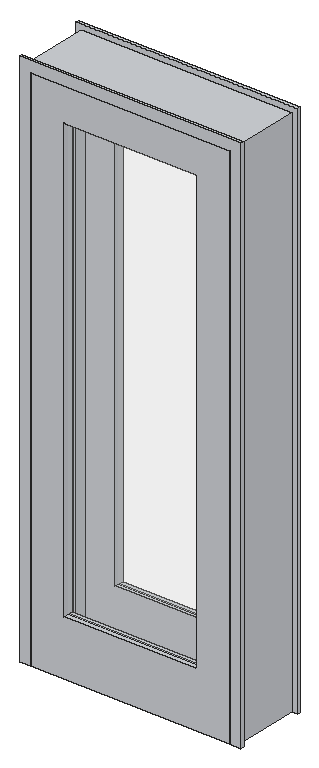
Revit family "DOOR_Single Glass_Stile & Rail", category Doors, host Wall, Revit 2024
Family settings
  Host = Wall
  Always vertical = Yes
  Cut with Voids When Loaded = No
  Shared = No
  Room Calculation Point = No
Parameters (values of type "900mm x 2400mm")
  Vertical Pull Material [instance] = none
  Vertical Pull = yes
  Thickness = 45 mm
  Rough Width = Width + (2 * Rough In Gap)  # 950 mm
  Rough In Gap = 25 mm
  Rough Height [instance] = Height + Rough In Gap  # 2425 mm
  Rabbit Width = 16 mm
  Rabbit Inset Distance from Front Trim = 45 mm
  Rabbit Depth = 50 mm
  Panic Device Material [instance] = none
  Panic Device = no
  Panel Kick Height = 250 mm
  Panel Distance to Top = 150 mm
  Panel Distance to Edge = 150 mm
  Height to Top of Pull [instance] = Height - Panel Distance to Top  # 2250 mm
  Height = 2400 mm
  Wall Closure = By host
  Width = 900 mm
  Glazed Panel Depth = 25 mm
  Function = Interior
  Frame Trim Width = 50 mm
  Frame Trim Thickness = 12.5 mm
  EA_Repath [instance] = 0 mm
  Double Swing Option [instance] = yes
  Double ADA Clearance Lines [instance] = yes
  Door_$Panel_Material [instance] = none
  Door_$Leaf1_3DSwing_Angle [instance] = 0.00°
  Door_$Leaf1_2DSwing_Angle [instance] = 90.00°
  Door_$Frame_Material [instance] = none
  Define Thermal Properties by = Schematic Type
  Center of Pull to Edge of Panel = 75 mm
  Assembly Code = "C1020"
  Analytic Construction = "<None>"
  Single ADA Clearance Lines [instance] = yes
Types (3, lengths in mm): name | Rough Height | Panel Kick Height | Height to Top of Pull | Height
  900mm x 2700mm | 2725 | 255 | 2550 | 2700
  900mm x 2400mm | 2425 | 250 | 2250 | 2400
  900mm x 2100mm | 2125 | 250 | 1950 | 2100
Reference planes
  plane 1 "Center (Front/Back)": y = 0
  plane 2 "Center (Left/Right)": x = 0
  plane 3 "Left": x = -450
  plane 4 "Right": x = 450
  plane 5 "Top": z = 2400
  plane 6: y = 63.5
  plane 7: z = 2250
  plane 8: z = 250
  plane 9: x = 375
  plane 10: y = 152.4
  plane 11: y = -152.4
  plane 12: x = -405
Forms (mm)
  Sweep 1, solid, material <- "Door_$Frame_Material"
    path origin (0, 0, 0) x (1, 0, 0) y (0, 0, 1)
      loop
        line (450, 0) -> (450, 2400) -> (-450, 2400) -> (-450, 0)
    profile origin (450, 0, 1200) x (-1, 0, 0) y (0, -1, 0)
      loop
        line (-25.4, 152.4) -> (-25.4, -152.4) -> (-50, -152.4) -> (-50, -164.9) -> (0, -164.9) -> (0, -119.9) -> (16, -119.9) -> (16, -69.9) -> (0, -69.9) -> (0, 164.9) -> (-50, 164.9) -> (-50, 152.4) -> (-25.4, 152.4)
Lines and regions (mm)
  Opening 1
    outline origin (-2286, -152.4, 0) x (1, 0, 0) y (0, 0, 1)
      loop
        line (1811, 0) -> (2761, 0) -> (2761, 2425) -> (1811, 2425) -> (1811, 0)
  symbolic lines, style "Elevation Swing"
    curve 1: line (450, 152.4, 0) -> (-450, 152.4, 1200)
    curve 2: line (-450, 152.4, 1200) -> (450, 152.4, 2400)
  symbolic lines, style "ADA Clearance Lines", visible <- "Single ADA Clearance Lines"
    curve 3: line (907.2, 152.4, 0) -> (907.2, 1676.4, 0)
    curve 4: line (907.2, 1676.4, 0) -> (-405, 1676.4, 0)
    curve 5: line (-405, 1676.4, 0) -> (-405, -1371.6, 0)
    curve 6: line (-405, -1371.6, 0) -> (754.8, -1371.6, 0)
    curve 7: line (754.8, -1371.6, 0) -> (754.8, -152.4, 0)
  symbolic lines, style "ADA Clearance Lines", visible <- "Double ADA Clearance Lines"
    curve 8: line (907.2, 152.4, 0) -> (907.2, 1676.4, 0)
    curve 9: line (907.2, 1676.4, 0) -> (-405, 1676.4, 0)
    curve 10: line (-405, 1676.4, 0) -> (-405, -1676.4, 0)
    curve 11: line (-405, -1676.4, 0) -> (907.2, -1676.4, 0)
    curve 12: line (907.2, -1676.4, 0) -> (907.2, -152.4, 0)
Text (mm)
  text "Exterior" at (-1904.17, 693.701, 0), in view "Ref. Level"
  text "Interior" at (-1904.17, -638.649, 0), in view "Ref. Level"
  text "Exterior" at (0, 1019.848, 3124.603), in view "Right"
  text "Interior" at (0, -1635.541, 3124.603), in view "Right"
  text "Interior" at (0, -787.806, 3124.376), in view "Left"
  text "Exterior" at (0, 1386.095, 3124.376), in view "Left"
Dimensions and locks
  equal spacing: plane 3 "Left", plane 2 "Center (Left/Right)", plane 4 "Right"
  "Height": level to plane 5 "Top"
  "Width": plane 3 "Left" to plane 4 "Right"
  equal spacing: host wall, curve 2, plane 5 "Top"
  "Rough In Gap": plane 4 "Right" to Opening 1 sketch curve
  "Rough In Gap": Opening 1 sketch curve to plane 3 "Left"
  "Rough In Gap": plane 5 "Top" to Opening 1 sketch curve
  "Frame Trim Thickness": Sweep 1 sketch curve to host wall
  "Rabbit Depth": Sweep 1 sketch curve to Sweep 1 sketch curve
  "Rabbit Inset Distance from Front Trim": Sweep 1 sketch curve to Sweep 1 sketch curve
  "Frame Trim Width": plane 4 "Right" to Sweep 1 sketch curve  (x2)
  "Rabbit Width": Sweep 1 sketch curve to plane 4 "Right"
  "Frame Trim Thickness": host wall to Sweep 1 sketch curve
  "Thickness": nested 1 to Sweep 1
  "Center of Pull to Edge of Panel": plane 9 to plane 4 "Right"
  "Height to Top of Pull": plane 7 to level
  "Panel Kick Height": plane 8 to level
  plane 4 "Right" to curve 3 = 457.2 mm
  plane 4 "Right" to curve 7 = 304.8 mm
  plane 10 to curve 4 = 1524 mm
  curve 6 to plane 11 = 1219.2 mm
  curve 11 to plane 11 = 1524 mm
  plane 10 to curve 9 = 1524 mm
  plane 4 "Right" to curve 8 = 457.2 mm
  plane 4 "Right" to curve 12 = 457.2 mm
  "Thickness": plane 3 "Left" to plane 12
  aligned and locked: Opening 1 sketch curve to level
  aligned and locked: plane 4 "Right" to curve 1
  aligned and locked: plane 3 "Left" to curve 1
  aligned and locked: plane 5 "Top" to curve 2
  aligned and locked: plane 4 "Right" to Sweep 1 sketch curve
  aligned and locked: Sweep 1 sketch curve to plane 3 "Left"
  aligned and locked: plane 5 "Top" to Sweep 1 sketch curve
  aligned and locked: host wall to Sweep 1 sketch curve  (x2)
  aligned and locked: Sweep 1 sketch curve to plane 4 "Right"  (x2)
  aligned and locked: nested 1 to plane 3 "Left"
  aligned and locked: plane 6 to nested 3
  aligned and locked: nested 2 to plane 6
  aligned and locked: plane 9 to nested 3
  aligned and locked: plane 9 to nested 2
  aligned and locked: plane 8 to nested 3
  aligned and locked: plane 8 to nested 2
  aligned and locked: plane 11 to host wall
  aligned and locked: plane 10 to host wall
  aligned and locked: plane 10 to curve 3
  aligned and locked: plane 11 to curve 7
  aligned and locked: Sweep 1 to nested 4  (x2)
  aligned and locked: plane 3 "Left" to nested 4  (x2)
  aligned and locked: plane 11 to curve 12
  aligned and locked: plane 10 to curve 8
  aligned and locked: curve 10 to plane 12
  aligned and locked: Sweep 1 to nested 1
  aligned and locked: plane 3 "Left" to nested 1
Automatic sketch dimensions
  curve 1 to level = 0 mm
  curve 2 to plane 4 "Right" = 0 mm
  Sweep 1 sketch curve to level = 0 mm  (x2)
  profile plane to Sweep 1 sketch curve = 25.4 mm
Nested families
  nested 1: "Door_Glazed Panel_Adjustable" at (-450, 164.9, 0), Panel Thickness <- "Thickness", Panel Width <- "Width", Panel Height <- "Height", Panel Material <- "Door_$Panel_Material", Opening Angle <- "Door_$Leaf1_3DSwing_Angle", Plan Linework Opening Angle <- "Door_$Leaf1_2DSwing_Angle", Panel Kick Height <- "Panel Kick Height", Panel Distance to Top <- "Panel Distance to Top", Panel Distance to Edge <- "Panel Distance to Edge", Glazed Panel Depth <- "Glazed Panel Depth", type "Door_Panel_Adjustable"
    with Plan Linework Opening Angle 90.00°, Panel Width 900 mm, Panel Thickness 45 mm, Panel Material none, Panel Kick Height 250 mm, Panel Height 2400 mm, Panel Distance to Top 150 mm, Panel Distance to Edge 150 mm, Opening Angle 0.00°, Glazed Panel Depth 25 mm
  nested 2: "Vertical Straight Pull" at (375, 63.5, 0), visible <- "Vertical Pull", type "Default"
    with Offset_FF to Top of Pull 2250 mm, Offset_FF to Bottom of Pull 250 mm
  nested 3: "Panic Device" at (243.014, 63.5, 0) x (-1, 0, 0) z (0, 0, 1), visible <- "Panic Device", type "Default"
    with Offset_FF to Top of Pull 2250 mm, Offset_FF to Bottom of Vertical Pull 250 mm
  nested 4: "Door_Glazed Panel_Adjustable" at (-450, -164.9, 0), Panel Thickness <- "Thickness", Panel Width <- "Width", Panel Height <- "Height", Panel Material <- "Door_$Panel_Material", Opening Angle <- "Door_$Leaf1_3DSwing_Angle", Plan Linework Opening Angle <- "Door_$Leaf1_2DSwing_Angle", Panel Kick Height <- "Panel Kick Height", Panel Distance to Top <- "Panel Distance to Top", Panel Distance to Edge <- "Panel Distance to Edge", Glazed Panel Depth <- "Glazed Panel Depth", visible <- "Double Swing Option", type "Door_Panel_Adjustable"
    with Plan Linework Opening Angle 90.00°, Panel Width 900 mm, Panel Thickness 45 mm, Panel Material none, Panel Kick Height 250 mm, Panel Height 2400 mm, Panel Distance to Top 150 mm, Panel Distance to Edge 150 mm, Opening Angle 0.00°, Glazed Panel Depth 25 mm
Definition of nested family "Door_Glazed Panel_Adjustable"
  Parameters
    Plan Linework Opening Angle [instance] = 60.00°
    Panel Width [instance] = 914.4 mm
    Panel Thickness [instance] = 44.45 mm
    Panel Material [instance] = none
    Panel Kick Height [instance] = 279.4 mm
    Panel Height [instance] = 2133.6 mm
    Panel Glazing Material = none
    Panel Distance to Top [instance] = 228.6 mm
    Panel Distance to Edge [instance] = 152.4 mm
    Opening Angle [instance] = 30.00°
    Glazed Panel Depth [instance] = 25.4 mm
    Assembly Code = ""
  Reference planes
    plane 1 "Center (Front/Back)": y = 0
    plane 2: z = 0
    plane 3 "Center (Left/Right)": x = 0
  Lines and regions (mm)
    reference lines
      curve 1: line (0, 0, 0) -> (791.894, 457.2, 0)
  Dimensions and locks
    "Opening Angle": angle plane 1 "Center (Front/Back)" to curve 1
    aligned and locked: plane 3 "Center (Left/Right)" to curve 1
    aligned and locked: nested 1 to curve 1
    aligned and locked: plane 3 "Center (Left/Right)" to nested 2
    aligned and locked: plane 1 "Center (Front/Back)" to nested 2
  Automatic sketch dimensions
    curve 1 to plane 1 "Center (Front/Back)" = 0 mm
  Nested families
    nested 1: "Door_Panel_Glazed" at (0, 0, 0) x (0.866, 0.5, 0) z (0, 0, 1), type "Door_Panel_Glazed"
      with Panel Height 2133.6 mm, Panel Head Height 228.6 mm, Panel Edge Width 152.4 mm
    nested 2: "Door_Glazed Panel_Linework" at (0, 0, 0), Panel Stile Width <- "Panel Distance to Edge", type "door panel swing"
      with Panel Stile Width 152.4 mm
  Definition of nested family "Door_Panel_Glazed"
    Parameters
      Thickness = 44.45 mm
      Panel Width = 914.4 mm
      Panel Material = none
      Panel Kick Height = 279.4 mm
      Panel Height = 2286 mm
      Panel Head Height = 127 mm
      Panel Edge Width = 101.6 mm
      Glazing Thickness = 6.35 mm
      Glazing Material = none
      Glazing Depth = 25.4 mm
      Default Elevation = 1219.2 mm
    Reference planes
      plane 1 "Center (Front/Back)": y = 0
      plane 2: z = 0
      plane 3 "Center (Left/Right)": x = 0
    Forms (mm)
      Extrusion 1, solid, material <- "Panel Material"
        sketch origin (457.2, 0, 0) x (1, 0, 0) y (0, 0, 1)
          loop
            line (-457.2, 0) -> (457.2, 0) -> (457.2, 2286) -> (-457.2, 2286) -> (-457.2, 0)
          loop
            line (-355.6, 2159) -> (-355.6, 279.4) -> (355.6, 279.4) -> (355.6, 2159) -> (-355.6, 2159)
        from 0 to 44.45
      Extrusion 2, solid, material <- "Glazing Material"
        sketch origin (457.2, 0, 0) x (1, 0, 0) y (0, 0, 1)
          loop
            line (-355.6, 2159) -> (-355.6, 279.4) -> (355.6, 279.4) -> (355.6, 2159) -> (-355.6, 2159)
        from 22.225 to 28.575
    Lines and regions (mm)
      reference lines
        curve 1: line (584.502, -25.4, 0) -> (794.052, -25.4, 0)
    Dimensions and locks
      "Panel Height": Extrusion 1 sketch curve to level
      equal spacing: Extrusion 2, curve 1, Extrusion 2
      "Glazing Thickness": Extrusion 2 to Extrusion 2
      "Thickness": Extrusion 1 to plane 1 "Center (Front/Back)"
      "Glazing Depth": curve 1 to Extrusion 1
      "Panel Edge Width": Extrusion 1 sketch curve to Extrusion 1 sketch curve  (x2)
      "Panel Head Height": Extrusion 1 sketch curve to Extrusion 1 sketch curve
      "Panel Width": Extrusion 1 sketch curve to plane 3 "Center (Left/Right)"
      "Panel Kick Height": Extrusion 1 sketch curve to level
      aligned and locked: Extrusion 1 to plane 1 "Center (Front/Back)"
      aligned and locked: Extrusion 1 sketch curve to level
      aligned and locked: Extrusion 1 sketch curve to plane 3 "Center (Left/Right)"
      aligned and locked: Extrusion 1 to Extrusion 2 sketch curve  (x2)
      aligned and locked: Extrusion 2 sketch curve to Extrusion 1  (x2)
    Automatic sketch dimensions
      plane 1 "Center (Front/Back)" to curve 1 = 25.4 mm
      plane 3 "Center (Left/Right)" to curve 1 = 584.502 mm
      curve 1 to curve 1 = 209.55 mm
  Definition of nested family "Door_Glazed Panel_Linework"
    Parameters
      Panel Thickness = 44.45 mm
      Panel Swing = 60.00°
      Panel Stile Width [instance] = 101.6 mm
      Panel Length = 914.4 mm
      Invisible Line_Height = 2133.6 mm
      Height = 2133.6 mm
      Default Elevation = 1219.2 mm
      Assembly Code = ""
    Reference planes
      plane 1 "Center (Front/Back)": y = 0
      plane 2: z = 0
      plane 3 "Center (Left/Right)": x = 0
    Lines and regions (mm)
      symbolic lines
        curve 1: line (0, 0, 0) -> (50.8, 87.988, 0)
        curve 2: line (457.2, 791.894, 0) -> (495.695, 769.669, 0)
        curve 3: line (0, 0, 0) -> (38.495, -22.225, 0)
        curve 4: line (38.495, -22.225, 0) -> (89.295, 65.763, 0)
        curve 5: arc (457.2, 791.894, 0) -> (792.711, 455.78, 0) -> (914.394, -3.277, 0) r 914.4
        curve 6: line (50.8, 87.988, 0) -> (89.295, 65.763, 0)
        curve 7: line (406.4, 703.905, 0) -> (444.895, 681.68, 0)
        curve 8: line (50.8, 87.988, 0) -> (406.4, 703.905, 0)
        curve 9: line (406.4, 703.905, 0) -> (457.2, 791.894, 0)
        curve 10: line (444.895, 681.68, 0) -> (495.695, 769.669, 0)
        curve 11: line (89.295, 65.763, 0) -> (444.895, 681.68, 0)
        curve 12: line (70.047, 76.876, 0) -> (425.647, 692.793, 0)
      model lines
        curve 13: line (0, 0, 0) -> (0, 0, 2133.6)
    Dimensions and locks
      "Panel Thickness": curve 4 to curve 1
      "Panel Length": curve 3 to curve 2
      locked: curve 5 to plane 1 "Center (Front/Back)" at 3.277
      "Panel Stile Width": curve 7 to curve 2
      "Panel Stile Width": curve 3 to curve 6
      equal spacing: curve 11, curve 12, curve 8
      "Invisible Line_Height": curve 13 to level
      "Panel Swing": angle plane 1 "Center (Front/Back)" to curve 1
      aligned and locked: curve 13 to plane 1 "Center (Front/Back)"
    Automatic sketch dimensions
      curve 5 to plane 1 "Center (Front/Back)" = 0 mm
      curve 5 to plane 3 "Center (Left/Right)" = 0 mm
      curve 3 to plane 1 "Center (Front/Back)" = 0 mm
      curve 3 to plane 3 "Center (Left/Right)" = 0 mm
      curve 13 to level = 0 mm
Definition of nested family "Vertical Straight Pull"
  Parameters (values of type "Default")
    Radius_Pull = 15.875 mm
    Pull = none
    Offset_FF to Top of Pull = 2641.6 mm
    Offset_FF to Bottom of Pull = 254 mm
    Offset_CL Pull to CL Panel = 60.325 mm
    Offset_CL Mount to End of Pull = 152.4 mm
    Default Elevation = 0 mm
    Assembly Code = ""
  Reference planes
    plane 1 "Center (Front/Back)": y = 0
    plane 2: z = 0
    plane 3 "Center (Left/Right)": x = 0
    plane 4: y = 60.325
    plane 5: y = -60.325
    plane 6: z = 406.4
    plane 7: z = 2489.2
    plane 8: z = 2641.6
    plane 9: z = 254
  Forms (mm)
    Extrusion 1, solid, material <- "Pull"
      sketch origin (0, 0, 0) x (1, 0, 0) y (0, 1, 0)
        loop
          circle (0, 60.325) r 15.875
        loop
          circle (0, -60.325) r 15.875
      from 254 to 2641.6
    Extrusion 2, solid
      sketch origin (0, 0, 0) x (1, 0, 0) y (0, 0, 1)
        loop
          circle (0, 2489.2) r 15.875
        loop
          circle (0, 406.4) r 15.875
      from -60.325 to 60.325
  Dimensions and locks
    "Offset_CL Mount to End of Pull": plane 8 to plane 7
    "Offset_CL Mount to End of Pull": plane 6 to plane 9
    "Offset_FF to Bottom of Pull": plane 9 to plane 2
    "Offset_FF to Top of Pull": plane 8 to plane 2
    "Offset_CL Pull to CL Panel": plane 4 to plane 1 "Center (Front/Back)"
    "Offset_CL Pull to CL Panel": plane 5 to plane 1 "Center (Front/Back)"
    "Offset_CL Pull to CL Panel": plane 1 "Center (Front/Back)" to Extrusion 2
    "Offset_CL Pull to CL Panel": Extrusion 2 to plane 1 "Center (Front/Back)"
    "Radius_Pull": radius of Extrusion 1 sketch curve  (x2)
    "Radius_Pull": radius of Extrusion 2 sketch curve  (x2)
    aligned and locked: plane 8 to Extrusion 1
    aligned and locked: Extrusion 1 to plane 9
  Automatic sketch dimensions
    Extrusion 1 sketch curve to plane 3 "Center (Left/Right)" = 0 mm  (x2)
    Extrusion 1 sketch curve to plane 5 = 0 mm
    Extrusion 1 sketch curve to plane 4 = 0 mm
    Extrusion 2 sketch curve to plane 3 "Center (Left/Right)" = 0 mm  (x2)
    Extrusion 2 sketch curve to plane 6 = 0 mm
    Extrusion 2 sketch curve to plane 7 = 0 mm
Definition of nested family "Panic Device"
  Parameters (values of type "Default")
    Radius_Pull = 15.875 mm
    Pull = none
    Offset_FF to Top of Pull = 2641.6 mm
    Offset_FF to Bottom of Vertical Pull = 254 mm
    Offset_FF to Bottom of Panic Pull = 1066.8 mm
    Offset_CL Pull to CL Panel = 60.325 mm
    Offset_CL Mount to End of Pull = 152.4 mm
    Default Elevation = 0 mm
    Assembly Code = ""
  Reference planes
    plane 1 "Center (Front/Back)": y = 0
    plane 2: z = 0
    plane 3 "Center (Left/Right)": x = -131.986
    plane 4: z = 406.4
    plane 5: z = 2489.2
    plane 6: z = 2641.6
    plane 7: x = 579.214
    plane 8: x = 604.614
    plane 9: x = 579.214
    plane 10: z = 254
    plane 11: z = 1066.8
  Forms (mm)
    Extrusion 1, solid, material <- "Pull"
      sketch origin (0, 0, 0) x (1, 0, 0) y (0, 0, 1)
        loop
          circle (-131.986, 2489.2) r 15.875
      from -60.325 to 60.325
    Sweep 2, solid, material <- "Pull"
      path origin (0, 0, 0) x (1, 0, 0) y (0, 0, 1)
        loop
          line (-131.986, 2641.6) -> (-131.986, 1168.4)
          arc (-131.986, 1168.4) -> (-102.228, 1096.558) -> (-30.386, 1066.8) r 101.6
          line (-30.386, 1066.8) -> (477.614, 1066.8)
      profile origin (-131.986, 0, 1905) x (0, -1, 0) y (1, 0, 0)
        loop
          circle (60.325, 0) r 15.875
    Sweep 3, solid, material <- "Pull"
      path origin (0, 0, 0) x (1, 0, 0) y (0, 1, 0)
        loop
          line (493.489, -60.325) -> (518.889, -60.325)
          arc (518.889, -60.325) -> (561.545, -42.656) -> (579.214, 0) r 60.325
      profile origin (506.189, -60.325, 0) x (0, 1, 0) y (0, 0, 1)
        loop
          circle (0, 1066.8) r 15.875
    Extrusion 4, solid, material <- "Pull"
      sketch origin (0, 0, 0) x (1, 0, 0) y (0, 1, 0)
        loop
          circle (-131.986, 60.325) r 15.875
      from 254 to 2641.6
    Extrusion 5, solid, material <- "Pull"
      sketch origin (0, 0, 0) x (1, 0, 0) y (0, 0, 1)
        loop
          circle (-131.986, 406.4) r 15.875
      from -60.325 to 0
  Dimensions and locks
    "Offset_CL Mount to End of Pull": plane 6 to plane 5
    "Offset_FF to Top of Pull": plane 6 to plane 2
    "Offset_CL Pull to CL Panel": Extrusion 1 to plane 1 "Center (Front/Back)"
    "Offset_CL Pull to CL Panel": Sweep 2 sketch curve to profile plane
    "Offset_CL Pull to CL Panel": plane 1 "Center (Front/Back)" to Extrusion 4 sketch curve
    "Offset_CL Pull to CL Panel": plane 1 "Center (Front/Back)" to Extrusion 1
    "Offset_FF to Bottom of Vertical Pull": plane 2 to plane 10
    "Offset_CL Mount to End of Pull": plane 4 to plane 10
    "Offset_FF to Bottom of Panic Pull": plane 11 to plane 2
    Sweep 3 sketch curve to plane 11 = 0 mm
    "Radius_Pull": radius of Extrusion 1 sketch curve
    "Radius_Pull": radius of Sweep 2 sketch curve
    "Offset_CL Pull to CL Panel": radius of Sweep 3 sketch curve
    "Radius_Pull": radius of Sweep 3 sketch curve
    "Radius_Pull": radius of Extrusion 4 sketch curve
    aligned and locked: plane 6 to Extrusion 4
    aligned and locked: Extrusion 4 to plane 10
    aligned and locked: Sweep 2 sketch curve to plane 11
    aligned and locked: level to plane 2
    aligned: Sweep 2 to Sweep 3
    aligned and locked: plane 1 "Center (Front/Back)" to Extrusion 5
    aligned and locked: Extrusion 1 to Extrusion 5
  Automatic sketch dimensions
    Sweep 2 sketch curve to plane 3 "Center (Left/Right)" = 0 mm
    Sweep 2 sketch curve to plane 6 = 0 mm
    plane 3 "Center (Left/Right)" to Sweep 2 sketch curve = 101.6 mm
    Sweep 2 sketch curve to plane 9 = 101.6 mm
    Extrusion 5 sketch curve to plane 3 "Center (Left/Right)" = 0 mm
    Extrusion 5 sketch curve to plane 4 = 0 mm
    Extrusion 1 sketch curve to plane 3 "Center (Left/Right)" = 0 mm
    Extrusion 1 sketch curve to plane 5 = 0 mm
    Sweep 2 sketch curve to profile plane = 0 mm
    plane 1 "Center (Front/Back)" to Sweep 3 sketch curve = 0 mm
    Sweep 3 sketch curve to plane 7 = 0 mm
    Sweep 3 sketch curve to Sweep 3 sketch curve = 25.4 mm
    Sweep 3 sketch curve to profile plane = 0 mm
    Extrusion 4 sketch curve to plane 3 "Center (Left/Right)" = 0 mm
    radius of Extrusion 5 sketch curve = 15.875 mm
